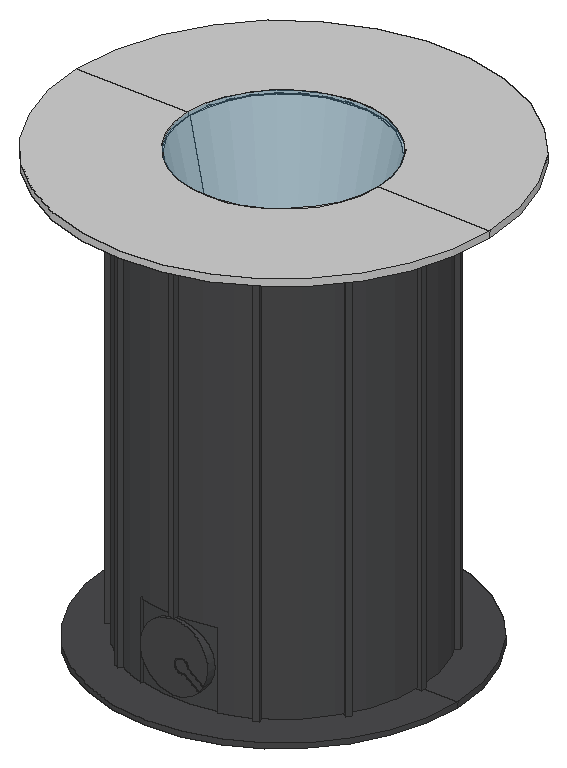
Revit family "LED COB INGROUND 18W_LKP0170WW.10", category Luminarias, Revit 2019
Family settings
  Cota de conector redondo = Diámetro de uso
  Tipo de pieza = Normal
  Se basa en plano de trabajo = Sí
  Siempre vertical = No
  Corte con vacíos al cargar = No
  Origen de luz = Sí
  Compartido = No
  Punto de cálculo de habitación = No
Parameters (values of type "EMP_LKP0170WW.10")
  Ángulo de inclinación = 105.00°
  Ángulo de enfoque = 10.00°
  Ángulo de campo de foco = 10.00°
  Zone [instance] = ""
  Watt per fixture = 18.5
  Wattage = 18.5 W
  built-in parameter 1150107 = 3000 (stored number, unit not read)
  built-in parameter 1150110 = 1 (stored number, unit not read)
  built-in parameter 1150109 = 1 (stored number, unit not read)
  built-in parameter 1150112 = 1 (stored number, unit not read)
  built-in parameter 1150113 = 1 (stored number, unit not read)
  built-in parameter 1114218 = 1 (stored number, unit not read)
  Keynote = ""
  built-in parameter 1150137 = (empty or 0)
  built-in parameter 1150132 = (empty or 0)
  Modelo = "LKP0170WW.10"
  Lámpara = "NICHIA"
  Longitud de símbolo de origen de luz = 500 mm
  built-in parameter 1150105 = 88688.8 (stored number, unit not read)
  built-in parameter 1150102 = (empty or 0)
  built-in parameter 1150106 = 886.89 (stored number, unit not read)
  Lumens = 1529.95 lm
  Color Filter = 16777215
  built-in parameter 1114217 = 1 (stored number, unit not read)
  built-in parameter 1150139 = (empty or 0)
  Fabricante = "BRILLANT"
  Default Elevation = 0 mm
  built-in parameter 1150104 = 7.6831 (stored number, unit not read)
  Descripción = "LUMINARIA TIPO CIRCULAR PARA EMPOTRAR EN PISO CON CUERPO DE ALUMINIO FUNDIDO A PRESION CUBIERTO CON POLVO GRIS OSCURO, CON CUBIERTA DE ACERO INOXIDABLE Y VIDRIO TEMPLADO DE 8MM, HOUSING TIPO ABS DE 179MM DE DIAMETRO Y 220MM DE PROFUNDO. CUENTA CON 18 LED COB TIPO NICHIA CON UNA POTENCIA TOTAL DE 18.5W, A UNA TEMPERATURA EN BLANCO CALIDO 3000K CON 1530 LUMENES, 160mA EN CORRIENTE DE OPERACIÓN, IP67, IK10, IRC 80, APERTURA EN 10 GRADOS POR PROYECTO, ALIMENTADA A 100-277V"
  built-in parameter 1150115 = 1 (stored number, unit not read)
  built-in parameter 1150114 = 1 (stored number, unit not read)
  Comentarios de vataje = "100-277V"
  built-in parameter 1150138 = (empty or 0)
  built-in parameter 1150134 = (empty or 0)
  Circuit [instance] = ""
  Dimming Lamp Color Temperature Shift = (empty or 0)
  built-in parameter 1150133 = 10 (stored number, unit not read)
Reference planes
  plane 1 "Centro (Frontal/Posterior)": y = 0
  plane 2: z = 0
  plane 3 "Centro (Izquierda/Derecha)": x = 0
  plane 4: z = -220
  plane 5: z = -128
  plane 6 "PEND": y = 20
  plane 7 "Centro I/E": y = -15
  plane 8: x = -77.5
  plane 9: x = 77.5
Forms (mm)
  Revolve 1, solid, material "Acero Inoxidable"
    sketch origin (0, 0, 0) x (1, 0, 0) y (0, 0, 1)
      loop
        line (-32.114, -71.543) -> (-47.731, 1.93) -> (-48.546, 1.93) -> (-48.546, 3.457) -> (-105, 3.457) -> (-105, 0) -> (-64.092, 0) -> (-64.092, -174.485) -> (0, -174.485) -> (0, -71.543) -> (-32.114, -71.543)
      axis (0, 3.457) -> (0, -174.485)
    angle from 0 to 360
  Extrusion 2, solid, material "Cristal"
    sketch origin (0, 0, 0) x (1, 0, 0) y (0, 1, 0)
      loop
        circle (0, 0) r 48.546
    from 1.93 to 3.457
  Extrusion 3, solid, material "Plastico"
    sketch origin (0, 0, 0) x (1, 0, 0) y (0, 1, 0)
      loop
        circle (0, 0) r 10
    from -179 to -176.935
  Extrusion 4, solid, material "Cobre"
    sketch origin (0, 0, 0) x (1, 0, 0) y (0, 1, 0)
      loop
        line (12.101, 0) -> (6.051, 10.48) -> (-6.051, 10.48) -> (-12.101, 0) -> (-6.051, -10.48) -> (6.051, -10.48) -> (12.101, 0)
    from -176.935 to -174.49
  Revolve 5, solid, material "Plastico"
    sketch origin (0, 0, 0) x (1, 0, 0) y (0, 0, 1)
      loop
        line (-89.5, -0.88) -> (-89.5, -4.48) -> (-69.055, -4.48) -> (-69.055, -217.5) -> (-88.5, -217.5) -> (-88.5, -220) -> (-30.747, -220) -> (0, -220) -> (0, -217.5) -> (-59.119, -217.5) -> (-59.119, -0.88) -> (-89.5, -0.88)
      axis (0, -0.88) -> (0, -220)
    angle from 0 to 360
  Extrusion 6, solid, material "Plastico"
    sketch origin (0, 0, 0) x (1, 0, 0) y (0, 1, 0)
      loop
        line (-69.04, 1.342) -> (-71.413, 1.342) -> (-71.413, -1.342) -> (-69.04, -1.342)
        arc (-69.04, -1.342) -> (-69.055, 0) -> (-69.04, 1.342) r 59.642
      loop
        line (-59.119, 35.682) -> (-61.196, 36.882) -> (-62.539, 34.557) -> (-60.461, 33.357)
        arc (-60.461, 33.357) -> (-59.803, 34.527) -> (-59.119, 35.682) r 59.642
      loop
        line (-33.357, 60.461) -> (-34.529, 62.491) -> (-36.854, 61.149) -> (-35.682, 59.119)
        arc (-35.682, 59.119) -> (-34.527, 59.803) -> (-33.357, 60.461) r 59.642
      loop
        line (1.342, 69.04) -> (1.342, 71.384) -> (-1.342, 71.384) -> (-1.342, 69.04)
        arc (-1.342, 69.04) -> (0, 69.055) -> (1.342, 69.04) r 59.642
      loop
        arc (69.04, 1.342) -> (69.055, 0) -> (69.04, -1.342) r 59.642
        line (69.04, -1.342) -> (71.413, -1.342) -> (71.413, 1.342) -> (69.04, 1.342)
      loop
        arc (59.119, 35.682) -> (59.803, 34.527) -> (60.461, 33.357) r 59.642
        line (60.461, 33.357) -> (62.539, 34.557) -> (61.196, 36.882) -> (59.119, 35.682)
      loop
        arc (33.357, 60.461) -> (34.527, 59.803) -> (35.682, 59.119) r 59.642
        line (35.682, 59.119) -> (36.854, 61.149) -> (34.529, 62.491) -> (33.357, 60.461)
      loop
        arc (-59.119, -35.682) -> (-59.803, -34.527) -> (-60.461, -33.357) r 59.642
        line (-60.461, -33.357) -> (-62.539, -34.557) -> (-61.196, -36.882) -> (-59.119, -35.682)
      loop
        arc (-33.357, -60.461) -> (-34.527, -59.803) -> (-35.682, -59.119) r 59.642
        line (-35.682, -59.119) -> (-36.854, -61.149) -> (-34.529, -62.491) -> (-33.357, -60.461)
      loop
        arc (1.342, -69.04) -> (0, -69.055) -> (-1.342, -69.04) r 59.642
        line (-1.342, -69.04) -> (-1.342, -71.384) -> (1.342, -71.384) -> (1.342, -69.04)
      loop
        line (59.119, -35.682) -> (61.196, -36.882) -> (62.539, -34.557) -> (60.461, -33.357)
        arc (60.461, -33.357) -> (59.803, -34.527) -> (59.119, -35.682) r 59.642
      loop
        line (33.357, -60.461) -> (34.529, -62.491) -> (36.854, -61.149) -> (35.682, -59.119)
        arc (35.682, -59.119) -> (34.527, -59.803) -> (33.357, -60.461) r 59.642
    from -217.5 to -4.48
  Extrusion 7, void
    sketch origin (3.125, 0, 0) x (1, 0, 0) y (0, 1, 0)
      loop
        circle (-3.125, -65.006) r 1.981
      loop
        circle (61.851, -0.03) r 1.981
      loop
        circle (-68.101, -0.03) r 1.981
      loop
        circle (-3.095, 64.976) r 1.981
    from -220 to -216.767
  Extrusion 8, void
    sketch origin (0, -11.405, 0) x (1, 0, 0) y (0, 1, 0)
      loop
        line (-1.342, -57.635) -> (-1.342, -59.979) -> (1.342, -59.979) -> (1.342, -57.635) -> (-1.342, -57.635)
    from -217.5 to -178.507
  Extrusion 9, void
    sketch origin (0, 0, 0) x (1, 0, 0) y (0, 1, 0)
      loop
        line (19.48, -67.947) -> (19.48, -64.931)
        arc (19.48, -64.931) -> (-0.004, -67.85) -> (-19.48, -64.872) r 65.829
        line (-19.48, -64.872) -> (-19.48, -67.609)
        arc (-19.48, -67.609) -> (-0.022, -70.266) -> (19.48, -67.947) r 77.5
    from -217.5 to -178.507
  Extrusion 10, solid, material "Plastico"
    sketch origin (0, 0, 0) x (1, 0, 0) y (0, 0, 1)
      loop
        arc (15.228, -205.467) -> (-13.875, -187.312) -> (12.384, -209.381) r 17.194
        line (12.384, -209.381) -> (4.761, -203.843)
        arc (4.761, -203.843) -> (0.929, -198.068) -> (7.605, -199.928) r 3.698
        line (7.605, -199.928) -> (15.228, -205.467)
      loop
        line (4.897, -203.076) -> (12.864, -208.865) -> (14.886, -206.083) -> (6.918, -200.294)
        arc (6.918, -200.294) -> (1.496, -198.48) -> (4.897, -203.076) r 2.998
    from 64.93 to 69.585
  Extrusion 11, solid, material "Plastico"
    sketch origin (0, 0, 0) x (1, 0, 0) y (0, 1, 0)
      loop
        line (-5.899, 73.187) -> (-5.899, 68.802)
        arc (-5.899, 68.802) -> (0, 69.055) -> (5.899, 68.802) r 69.055
        line (5.899, 68.802) -> (5.899, 73.187)
        arc (5.899, 73.187) -> (0, 73.439) -> (-5.899, 73.187) r 69.055
      loop
        arc (-5.899, -73.187) -> (0, -73.439) -> (5.899, -73.187) r 69.055
        line (5.899, -73.187) -> (5.899, -68.802)
        arc (5.899, -68.802) -> (0, -69.055) -> (-5.899, -68.802) r 69.055
        line (-5.899, -68.802) -> (-5.899, -73.187)
      loop
        arc (73.187, -5.899) -> (73.439, 0) -> (73.187, 5.899) r 69.055
        line (73.187, 5.899) -> (68.802, 5.899)
        arc (68.802, 5.899) -> (69.055, 0) -> (68.802, -5.899) r 69.055
        line (68.802, -5.899) -> (73.187, -5.899)
      loop
        line (-73.187, -5.899) -> (-68.802, -5.899)
        arc (-68.802, -5.899) -> (-69.055, 0) -> (-68.802, 5.899) r 69.055
        line (-68.802, 5.899) -> (-73.187, 5.899)
        arc (-73.187, 5.899) -> (-73.439, 0) -> (-73.187, -5.899) r 69.055
    from -10.055 to -4.48
Cuts and joins
  Extrusion 7, Extrusion 9 cuts Revolve 5
  Extrusion 7, Extrusion 8, Extrusion 9 cuts Revolve 1
  Extrusion 8 cuts Extrusion 6
Dimensions and locks
  plane 2 to plane 4 = 220 mm
  level to plane 4 = 220 mm
  level to Extrusion 3 = 179 mm
  plane 3 "Centro (Izquierda/Derecha)" to Revolve 5 sketch curve = 88.5 mm
  Revolve 1 sketch curve to Revolve 1 sketch curve = 105 mm
  Revolve 5 sketch curve to Revolve 5 sketch curve = 89.5 mm
  aligned and locked: level to plane 2
Connectors
  electrical at (0, 0, -220)
    settings: on cut or joined group of Revolve 5, Extrusion 7, Extrusion 9, index 1, voltage 277 V, apparent load 0 VA, apparent load phase1 0 VA, apparent load phase2 0 VA, apparent load phase3 0 VA, power factor 1, load classification "Otro", number of poles 1, system type 31, power factor state 1, is connector primary yes, connector utility no, sub classification motor no, connector description ""
